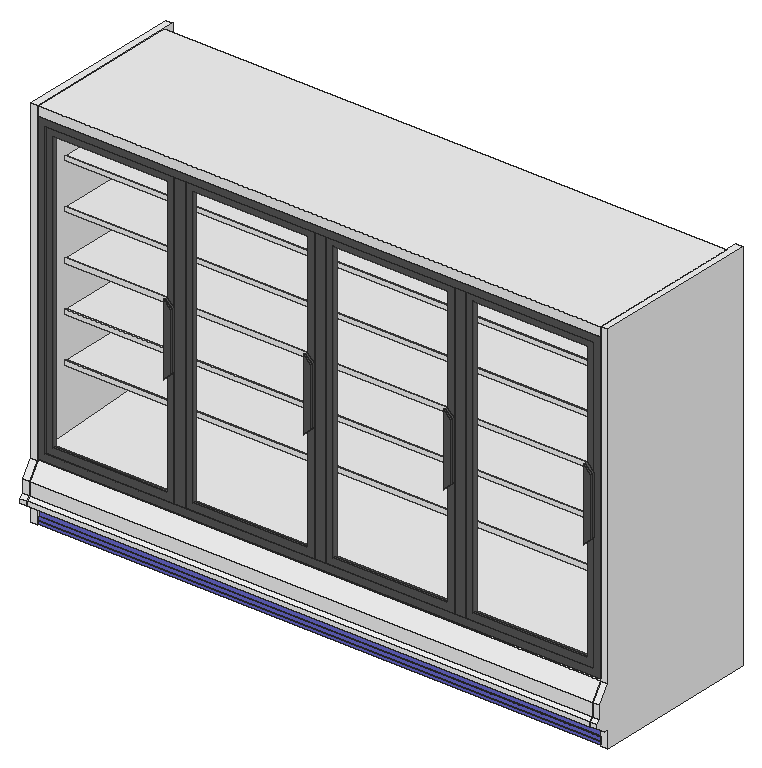
Revit family
Parameters (values of type "RLN-4DR. INNOVATOR II")
  Width = 122 7/8"
  Voltage - Electric Defrost [instance] = 208 V
  Voltage [instance] = 120 V
  URL = "www.hussmann.com"
  Type Comments = "LT 4-Door Reach-In Merchandiser"
  Temp Sensor [instance] = "Low Voltage"
  System Control [instance] = "1.00 A"
  Standard Right End Cap On/Off [instance] = yes
  Standard Left End Cap On/Off [instance] = yes
  Revit Family Dates = "4/12/12PMA(0508)"
  Refrig. Suction [instance] = "Suction"
  Refrig. Liquid [instance] = "Liquid"
  Phase [instance] = 1
  Number of Shelves = 0
  Model = "RLN-4"
  Mirrored Right End Cap On/Off [instance] = no
  Mirrored Left End Cap On/Off [instance] = no
  Manufacturer = "Hussmann Corporation"
  MCA (Min Circ Amp) [instance] = 3.19 A
  Linear Shelf Length [instance] = 0"
  Height = 82 3/8"
  Front Height = 0"
  Frequency [instance] = 60 Hz
  Finish_Trim [instance] = Stainless Steel 2
  Finish_Top [instance] = none
  Finish_Shelf [instance] = Stainless Steel
  Finish_Handle = Metal-Black-Door
  Finish_Glass [instance] = Glass 2
  Finish_Frame = Metal-Black-Door
  Finish_Door [instance] = Metal-Black-Door
  Finish_Case [instance] = Stainless Steel
  Finish_Bumper [instance] = Metal-Blue-Trim
  Finish_Base [instance] = Stainless Steel
  Elect. Defrost Amps [instance] = "13.46 A"
  Elect. Def. Amps [instance] = 13.46 A
  Drain Pipe Size = "1 1/4\" DIA"
  Drain Heaters [instance] = 2 A
  Description 2 = "Impact Merchandiser"
  Description = "LT 4-Door Reach-In Merchandiser"
  Depth = 39 3/4"
  Copper-Suction [instance] = Copper
  Copper-Liquid [instance] = Copper
  Case Lights Amps [instance] = "2.50 A"
  Case Lights [instance] = 2.5 A
  Case Fans (MCA) [instance] = "3.19 A"
  Assembly Code = ""
Reference planes (in)
  plane 1 "Center (Front/Back)": y = 0
  plane 2: z = 0
  plane 3: z = 13.375
  plane 4: z = 80.375
  plane 5: z = 82.375
  plane 6: x = -62.05894
  plane 7: x = 60.81606
  plane 8: x = -0.62144
  plane 9: y = -39.75
  plane 10: y = -30.625
  plane 11: y = -28
  plane 12: x = -22.11949
  plane 13: x = 20.88051
Forms (in)
  Extrusion 1, solid, material "Stainless Steel" <- "Finish_Base"
    sketch origin (-63.55894, 0, 0) x (0, 1, 0) y (0, 0, 1)
      loop
        line (-33.84766, 1.76162) -> (0, 1.76162) -> (0, 4.26162) -> (-33.84766, 4.26162) -> (-33.84766, 1.76162)
    from 3 to 122.875
  Extrusion 2, solid, material "Stainless Steel" <- "Finish_Case"
    sketch origin (-62.05894, 0, 0) x (0, 1, 0) y (0, 0, 1)
      loop
        line (-5, 4.26162) -> (-2.5, 6.76162) -> (-2.5, 82) -> (-36.8125, 82) -> (-36.8125, 80) -> (-5.25, 80) -> (-5.25, 7.94575) -> (-24.32494, 7.27964) -> (-25.55546, 6.04913) -> (-29.05546, 6.04913) -> (-31, 7.99367) -> (-33.25, 7.99367) -> (-33.25, 5.99367) -> (-30.25, 4.26162) -> (-5, 4.26162)
    from 0 to 122.875
  Extrusion 3, solid, material "Stainless Steel" <- "Finish_Case"
    sketch origin (-62.05894, 0, 0) x (0, 1, 0) y (0, 0, 1)
      loop
        line (-2.5, 4.26162) -> (0, 4.26162) -> (0, 49.76162) -> (-2.5, 49.76162) -> (-2.5, 4.26162)
    from 0 to 122.87891
  Extrusion 4, solid, material "Stainless Steel" <- "Finish_Base"
    sketch origin (-60.55894, 0, 0) x (0, 1, 0) y (0, 0, 1)
      loop
        line (-0.5532, 1.76162) -> (-2.8032, 1.76162) -> (-2.8032, 0) -> (-0.5532, 0) -> (-0.5532, 1.76162)
      loop
        line (-29.125, 1.76162) -> (-29.125, 0) -> (-26.875, 0) -> (-26.875, 1.76162) -> (-29.125, 1.76162)
    from 0 to 119.875
  Extrusion 5, solid, material "Stainless Steel" <- "Finish_Case"
    sketch origin (-62.05894, 0, 0) x (0, 1, 0) y (0, 0, 1)
      loop
        line (-5.25, 80) -> (-32.75, 80) -> (-32.75, 78.93201) -> (-7.5, 78.49127) -> (-7.5, 7.85845) -> (-5.25, 7.93702) -> (-5.25, 80)
    from 0 to 122.875
  Extrusion 6, solid
    sketch origin (-62.05894, 0, 0) x (0, 1, 0) y (0, 0, 1)
      loop
        line (-33, 78.93638) -> (-33, 77.93638) -> (-30, 77.93638) -> (-30, 78.88401) -> (-33, 78.93638)
    from 0 to 122.875
  Extrusion 7, solid, material "Stainless Steel" <- "Finish_Base"
    sketch origin (-62.05894, 0, 0) x (0, 1, 0) y (0, 0, 1)
      loop
        line (-7.5, 7.86718) -> (-7.5, 13.65118) -> (-29, 13.65118) -> (-29, 10.65118)
        arc (-29, 10.65118) -> (-29.29289, 9.94407) -> (-30, 9.65118) r 1
        line (-30, 9.65118) -> (-31.25, 9.65118)
        arc (-31.25, 9.65118) -> (-31.95711, 9.94407) -> (-32.25, 10.65118) r 1
        line (-32.25, 10.65118) -> (-32.25, 13) -> (-33.25, 13) -> (-33.25, 7.99367) -> (-31, 7.99367) -> (-29.05546, 6.04913) -> (-25.55546, 6.04913) -> (-24.32494, 7.27964) -> (-7.5, 7.86718)
    from 0 to 122.87891
  Extrusion 8, solid, material "Stainless Steel" <- "Finish_Shelf"
    sketch origin (-62.05894, 0, 0) x (0, 1, 0) y (0, 0, 1)
      loop
        line (-7.5, 64.08657) -> (-7.5, 68.01162) -> (-8.5, 68.01162) -> (-8.5, 69.01162) -> (-29.5, 69.01162) -> (-29.5, 69.26162) -> (-29.75, 69.26162) -> (-29.75, 68.26162) -> (-29.5, 68.26162) -> (-29.5, 68.76162) -> (-26, 68.76162) -> (-26, 68.51162) -> (-13.81963, 68.51162) -> (-7.5, 64.08657)
      loop
        line (-7.5, 54.08657) -> (-7.5, 58.01162) -> (-8.5, 58.01162) -> (-8.5, 59.01162) -> (-29.5, 59.01162) -> (-29.5, 59.26162) -> (-29.75, 59.26162) -> (-29.75, 58.26162) -> (-29.5, 58.26162) -> (-29.5, 58.76162) -> (-26, 58.76162) -> (-26, 58.51162) -> (-13.81963, 58.51162) -> (-7.5, 54.08657)
      loop
        line (-7.5, 44.08657) -> (-7.5, 48.01162) -> (-8.5, 48.01162) -> (-8.5, 49.01162) -> (-29.5, 49.01162) -> (-29.5, 49.26162) -> (-29.75, 49.26162) -> (-29.75, 48.26162) -> (-29.5, 48.26162) -> (-29.5, 48.76162) -> (-26, 48.76162) -> (-26, 48.51162) -> (-13.81963, 48.51162) -> (-7.5, 44.08657)
      loop
        line (-7.5, 34.08657) -> (-7.5, 38.01162) -> (-8.5, 38.01162) -> (-8.5, 39.01162) -> (-29.5, 39.01162) -> (-29.5, 39.26162) -> (-29.75, 39.26162) -> (-29.75, 38.26162) -> (-29.5, 38.26162) -> (-29.5, 38.76162) -> (-26, 38.76162) -> (-26, 38.51162) -> (-13.81963, 38.51162) -> (-7.5, 34.08657)
      loop
        line (-7.5, 24.08657) -> (-7.5, 28.01162) -> (-8.5, 28.01162) -> (-8.5, 29.01162) -> (-29.5, 29.01162) -> (-29.5, 29.26162) -> (-29.75, 29.26162) -> (-29.75, 28.26162) -> (-29.5, 28.26162) -> (-29.5, 28.76162) -> (-26, 28.76162) -> (-26, 28.51162) -> (-13.81963, 28.51162) -> (-7.5, 24.08657)
      loop
        line (-34.54319, 13.47728) -> (-7.5, 14.89456) -> (-7.5, 15.89593) -> (-34.54319, 14.47866) -> (-34.54319, 13.47728)
    from 0 to 122.875
  Extrusion 9, solid, material "Stainless Steel"
    sketch origin (-60.55894, 0, 0) x (0, 1, 0) y (0, 0, 1)
      loop
        line (0, 4.26162) -> (-33.84766, 4.26162) -> (-33.84766, 0) -> (0, 0) -> (0, 4.26162)
    from 0 to -1.5
  Extrusion 10, solid, material "Stainless Steel"
    sketch origin (59.31661, 0, 0) x (0, 1, 0) y (0, 0, 1)
      loop
        line (0, 4.26162) -> (-33.84766, 4.26162) -> (-33.84766, 0) -> (0, 0) -> (0, 4.26162)
    from 0 to 1.5
  Sweep 11, solid, material "Metal-Black-Door"
    path origin (0, 3.1875, 0) x (1, 0, 0) y (0, 0, 1)
      loop
        line (-62.05894, 80) -> (-62.05894, 13) -> (60.81606, 13) -> (60.81606, 80) -> (-62.05894, 80)
    profile origin (-0.62144, 3.1875, 80) x (0, 0, 1) y (0, -1, 0)
      loop
        line (0, 40) -> (-1.5, 40) -> (-1.5, 38.5) -> (0, 38.5) -> (0, 40)
  Extrusion 12, solid, material "Metal-Black-Door"
    sketch origin (0, -36.8125, 0) x (0, 0, 1) y (1, 0, 0)
      loop
        line (78.5, -60.55894) -> (78.5, -32.46449) -> (14.5, -32.46449) -> (14.5, -60.55894) -> (78.5, -60.55894)
      loop
        line (77, -59.05894) -> (77, -33.96449) -> (16, -33.96449) -> (16, -59.05894) -> (77, -59.05894)
      loop
        line (78.5, -29.96644) -> (78.5, -1.87144) -> (14.5, -1.87144) -> (14.5, -29.96644) -> (78.5, -29.96644)
      loop
        line (77, -28.46644) -> (77, -3.37144) -> (16, -3.37144) -> (16, -28.46644) -> (77, -28.46644)
      loop
        line (78.5, 0.62856) -> (78.5, 28.72356) -> (14.5, 28.72356) -> (14.5, 0.62856) -> (78.5, 0.62856)
      loop
        line (77, 2.12856) -> (77, 27.22356) -> (16, 27.22356) -> (16, 2.12856) -> (77, 2.12856)
      loop
        line (78.5, 31.22106) -> (78.5, 59.31606) -> (14.5, 59.31606) -> (14.5, 31.22106) -> (78.5, 31.22106)
      loop
        line (77, 32.72106) -> (77, 57.81551) -> (16, 57.81551) -> (16, 32.72106) -> (77, 32.72106)
    from 0.25 to 1.25
  Extrusion 13, solid, material "Glass 2"
    sketch origin (0, -36.0625, 0) x (1, 0, 0) y (0, 0, 1)
      loop
        line (-59.05894, 77) -> (-59.05894, 16) -> (-33.96449, 16) -> (-33.96449, 77) -> (-59.05894, 77)
      loop
        line (-28.46644, 77) -> (-28.46644, 16) -> (-3.37144, 16) -> (-3.37144, 77) -> (-28.46644, 77)
      loop
        line (2.12856, 77) -> (2.12856, 16) -> (27.22356, 16) -> (27.22356, 77) -> (2.12856, 77)
      loop
        line (32.72106, 77) -> (32.72106, 16) -> (57.81551, 16) -> (57.81551, 77) -> (32.72106, 77)
    from 0.15 to -0.15
  Extrusion 14, solid, material "Metal-Black-Door"
    sketch origin (-19.81375, 0.0625, 31.9375) x (1, 0, 0) y (0, 0, 1)
      loop
        line (-14.15074, 22.4375) -> (-14.15074, 22.08395) -> (-12.90074, 20.83395) -> (-12.90074, 8.29105) -> (-14.15074, 7.04105) -> (-14.15074, 6.6875) -> (-12.65074, 8.1875) -> (-12.65074, 20.9375) -> (-14.15074, 22.4375)
    from 36.875 to 37.375
  Extrusion 15, solid, material "Metal-Black-Door"
    sketch origin (-19.81375, -37.3125, 31.9375) x (1, 0, 0) y (0, 0, 1)
      loop
        line (-12.65074, 20.9375) -> (-14.15074, 22.4375) -> (-14.15074, 6.6875) -> (-12.65074, 8.1875) -> (-12.65074, 20.9375)
    from 0.25 to 0
  Extrusion 16, solid, material "Metal-Black-Door"
    sketch origin (10.78125, 0.0625, 31.9375) x (1, 0, 0) y (0, 0, 1)
      loop
        line (-14.15074, 22.4375) -> (-14.15074, 22.08395) -> (-12.90074, 20.83395) -> (-12.90074, 8.29105) -> (-14.15074, 7.04105) -> (-14.15074, 6.6875) -> (-12.65074, 8.1875) -> (-12.65074, 20.9375) -> (-14.15074, 22.4375)
    from 36.875 to 37.375
  Extrusion 17, solid, material "Metal-Black-Door"
    sketch origin (10.78125, -37.3125, 31.9375) x (1, 0, 0) y (0, 0, 1)
      loop
        line (-12.65074, 20.9375) -> (-14.15074, 22.4375) -> (-14.15074, 6.6875) -> (-12.65074, 8.1875) -> (-12.65074, 20.9375)
    from 0.25 to 0
  Extrusion 18, solid, material "Metal-Black-Door"
    sketch origin (41.3743, 0.0625, 31.9375) x (1, 0, 0) y (0, 0, 1)
      loop
        line (-14.15074, 22.4375) -> (-14.15074, 22.08395) -> (-12.90074, 20.83395) -> (-12.90074, 8.29105) -> (-14.15074, 7.04105) -> (-14.15074, 6.6875) -> (-12.65074, 8.1875) -> (-12.65074, 20.9375) -> (-14.15074, 22.4375)
    from 36.875 to 37.375
  Extrusion 19, solid, material "Metal-Black-Door"
    sketch origin (41.3743, -37.3125, 31.9375) x (1, 0, 0) y (0, 0, 1)
      loop
        line (-12.65074, 20.9375) -> (-14.15074, 22.4375) -> (-14.15074, 6.6875) -> (-12.65074, 8.1875) -> (-12.65074, 20.9375)
    from 0.25 to 0
  Extrusion 20, solid, material "Metal-Black-Door"
    sketch origin (71.9668, 0.0625, 31.9375) x (1, 0, 0) y (0, 0, 1)
      loop
        line (-14.15128, 22.4375) -> (-14.15128, 22.08395) -> (-12.90074, 20.83395) -> (-12.90074, 8.29105) -> (-14.15128, 7.04105) -> (-14.15128, 6.6875) -> (-12.65074, 8.1875) -> (-12.65074, 20.9375) -> (-14.15128, 22.4375)
    from 36.875 to 37.375
  Extrusion 21, solid, material "Metal-Black-Door"
    sketch origin (71.9668, -37.3125, 31.9375) x (1, 0, 0) y (0, 0, 1)
      loop
        line (-12.65074, 20.9375) -> (-14.15128, 22.4375) -> (-14.15128, 6.6875) -> (-12.65074, 8.1875) -> (-12.65074, 20.9375)
    from 0.25 to 0
  Extrusion 22, solid, material "Stainless Steel"
    sketch origin (-62.05894, 4, 0) x (0, 1, 0) y (0, 0, 1)
      loop
        line (-37.25, 13) -> (-40.75, 12.69379) -> (-43.04431, 9.41718) -> (-43.04431, 6.66718) -> (-43.75, 5.96149) -> (-43.75, 5.08872) -> (-42.51777, 4.2259) -> (-40.75, 5.99367) -> (-40.75, 7.99367) -> (-37.25, 7.99367) -> (-37.25, 13)
    from 0 to 122.875
  Extrusion 23, solid, material "Metal-Blue-Trim"
    sketch origin (-65.05894, 4.8125, 0) x (0, 1, 0) y (0, 0, 1)
      loop
        line (-38.66016, 4.7871) -> (-39.66016, 5.36445) -> (-39.66016, 4.26162) -> (-41.3125, 4.55297) -> (-41.3125, 1.75) -> (-41.5625, 1.75) -> (-41.5625, 1) -> (-41.3125, 1) -> (-41.3125, 0.75) -> (-41.5625, 0.75) -> (-41.5625, 0.19004) -> (-39.66016, 0.52548) -> (-39.66016, 0) -> (-38.66016, 0) -> (-38.66016, 4.7871)
    from 3 to 125.875
  Extrusion 24, solid, material "Metal Black-door"
    sketch origin (0, -36.4125, 0) x (1, 0, 0) y (0, 0, 1)
      loop
        line (-32.46449, 78.5) -> (-32.46449, 14.5) -> (-29.96644, 14.5) -> (-29.96644, 78.5) -> (-32.46449, 78.5)
      loop
        line (-1.87144, 78.5) -> (-1.87144, 14.5) -> (0.62856, 14.5) -> (0.62856, 78.5) -> (-1.87144, 78.5)
      loop
        line (28.72356, 78.5) -> (28.72356, 14.5) -> (31.22106, 14.5) -> (31.22106, 78.5) -> (28.72356, 78.5)
    from 0.15 to -0.15
  Extrusion 25, solid, material "Glass 2"
    sketch origin (0, 4.15234, 0) x (1, 0, 0) y (0, 1, 0)
      loop
        circle (55.82723, -37) r 0.375
      loop
        circle (55.82723, -37) r 0.36775
      loop
        circle (54.95081, -37) r 0.375
      loop
        circle (54.95081, -37) r 0.36775
      loop
        circle (54.07439, -37) r 0.375
      loop
        circle (54.07439, -37) r 0.36775
      loop
        circle (53.19797, -37) r 0.375
      loop
        circle (53.19797, -37) r 0.36775
      loop
        circle (52.32155, -37) r 0.375
      loop
        circle (52.32155, -37) r 0.36775
    from 4.63662 to 1.75
  Extrusion 26, solid, material "Glass 2"
    sketch origin (0, 3.41819, 0) x (1, 0, 0) y (0, 1, 0)
      loop
        circle (-0.61558, -34.54319) r 0.625
      loop
        circle (-0.61558, -34.54319) r 0.57589
    from 6.42413 to 1.75
  Extrusion 27, solid, material "Copper" <- "Copper-Liquid"
    sketch origin (0, 4.5, 0) x (1, 0, 0) y (0, 1, 0)
      loop
        circle (54.73782, -34.5) r 0.1875
      loop
        circle (54.73782, -34.5) r 0.17725
    from 4.26162 to 1.32634
  Extrusion 28, solid, material "Copper" <- "Copper-Suction"
    sketch origin (0, 5.5, 0) x (1, 0, 0) y (0, 1, 0)
      loop
        circle (55.82723, -35.5) r 0.4375
      loop
        circle (55.82723, -35.5) r 0.42774
    from 4.26162 to 1.32634
Lines and regions (in)
  symbolic lines
    curve 1: line (-62.05894, 0, 0) -> (60.81606, 0, 0)
    curve 2: line (-62.05894, -39.75, 0) -> (-62.05894, 0, 0)
    curve 3: line (60.81606, -39.75, 0) -> (-62.05894, -39.75, 0)
    curve 4: line (60.81606, 0, 0) -> (60.81606, -39.75, 0)
Dimensions and locks (in)
  level to plane 3 to plane 4 to plane 5 = 13 3/8", 67", 2"
  plane 5 to level = 82 3/8"
  level to plane 5 = 82 3/8"
  plane 6 to plane 7 = 122 7/8"
  plane 7 to plane 6 = 122 7/8"
  plane 8 to plane 6 = 61 7/16"
  plane 1 "Center (Front/Back)" to plane 9 = 39 3/4"
  plane 1 "Center (Front/Back)" to plane 10 = 30 5/8"
  plane 1 "Center (Front/Back)" to plane 11 = 28"
  plane 9 to plane 1 "Center (Front/Back)" = 39 3/4"  (x2)
  plane 10 to plane 1 "Center (Front/Back)" = 30 5/8"
  plane 11 to plane 1 "Center (Front/Back)" = 28"
  aligned and locked: Extrusion 1 to Extrusion 4  (x2)
Nested families (in)
  nested 1: "Label Annotation 3-32" at (-2.11949, -7.5, 0), type "Label Annotation 3-32"
  nested 2: "RLN-INNOVATORII_END CAP MIRRORED" at (-59.93945, 0, 0), visible <- "Mirrored Left End Cap On/Off", type "RLN-End Panel Mirrored"
    with Serial Number "N/A", Remarks "N/A", Received By "N/A", Furnished By "N/A", Finish_Trim Stainless Steel 2, Finish_Top none, Finish_Shelf Stainless Steel, Finish_Glass Glass 2, Finish_Door Metal Black-Door, Finish_Case Stainless Steel, Finish_Bumper Metal Blue-trim, Finish_Base Stainless Steel, Final Hookup By "N/A", Assembled By "N/A"
  nested 3: "RLN-INNOVATORII_END CAP MIRRORED" at (64.43555, 0, 0), visible <- "Mirrored Right End Cap On/Off", type "RLN-End Panel Mirrored"
    with Serial Number "N/A", Remarks "N/A", Received By "N/A", Furnished By "N/A", Finish_Trim Stainless Steel 2, Finish_Top none, Finish_Shelf Stainless Steel, Finish_Glass Glass 2, Finish_Door Metal Black-Door, Finish_Case Stainless Steel, Finish_Bumper Metal Blue-trim, Finish_Base Stainless Steel, Final Hookup By "N/A", Assembled By "N/A"
  nested 4: "RLN-INNOVATORII_END PANEL" at (-59.93945, 0, 0), visible <- "Standard Left End Cap On/Off", type "RLN-End Panel Mirrored"
    with Serial Number "N/A", Remarks "N/A", Received By "N/A", Furnished By "N/A", Finish_Trim Stainless Steel 2, Finish_Top none, Finish_Shelf Stainless Steel, Finish_Glass Glass 2, Finish_Door Metal Black-Door, Finish_Case Stainless Steel, Finish_Bumper Metal Blue-trim, Finish_Base Stainless Steel, Final Hookup By "N/A", Assembled By "N/A"
  nested 5: "RLN-INNOVATORII_END PANEL" at (64.43945, 0, 0), visible <- "Standard Right End Cap On/Off", type "RLN-End Panel Mirrored"
    with Serial Number "N/A", Remarks "N/A", Received By "N/A", Furnished By "N/A", Finish_Trim Stainless Steel 2, Finish_Top none, Finish_Shelf Stainless Steel, Finish_Glass Glass 2, Finish_Door Metal Black-Door, Finish_Case Stainless Steel, Finish_Bumper Metal Blue-trim, Finish_Base Stainless Steel, Final Hookup By "N/A", Assembled By "N/A"
  nested 6: "Case Nodes" at (55.82666, -32.84753, 0), type "Case Nodes"
  nested 7: "Case Nodes" at (55.82791, -30, 0), type "Case Nodes"
  nested 8: "Case Nodes" at (-22.11949, -36.8125, 0), type "Case Nodes"
  nested 9: "Case Nodes" at (-22.11949, -30, 0), type "Case Nodes"
  nested 10: "Case Nodes" at (20.88051, -36.8125, 0) x (-1, 0, 0) z (0, 0, 1), type "Case Nodes"
  nested 11: "Case Nodes" at (20.88051, -30, 0) x (-1, 0, 0) z (0, 0, 1), type "Case Nodes"
Connectors (in)
  piping at (-0.61558, -31.125, 1.75), driven by "Drain Pipe Size"
    settings: on Extrusion 26, index 3, connector radius 5/8", flow factor 0, pipe flow 0 GPM, pressure drop 0.00 psi, fitting loss kfactor 0, connector angle 0.00°, fixture units 0, flow configuration 0, flow direction 2, fitting loss method 0, system type 16, connector reference index -1, connector utility 0, adjustable connector no, is connector primary yes, fitting loss table "", connector description "1 1/4\" DIA"
  electrical at (55.82723, -32.84766, 1.75), driven by "Elect. Defrost Amps", driven by "Phase", driven by "Voltage - Electric Defrost"
    settings: on Extrusion 25, index 4, voltage 208 V, apparent load 0 VA, apparent load phase1 0 VA, apparent load phase2 0 VA, apparent load phase3 0 VA, power factor 1, load classification "Power", number of poles 1, system type 30, power factor state 1, is connector primary yes, connector utility no, sub classification motor no, connector description "13.46 A"
  electrical at (54.95081, -32.84766, 1.75), driven by "Case Fans (MCA)", driven by "Phase", driven by "Voltage"
    settings: on Extrusion 25, index 5, voltage 120 V, apparent load 0 VA, apparent load phase1 0 VA, apparent load phase2 0 VA, apparent load phase3 0 VA, power factor 1, load classification "Power", number of poles 1, system type 30, power factor state 1, is connector primary no, connector utility no, sub classification motor no, connector description "3.19 A"
  electrical at (54.07439, -32.84766, 1.75), driven by "Case Lights Amps", driven by "Phase", driven by "Voltage"
    settings: on Extrusion 25, index 6, voltage 120 V, apparent load 0 VA, apparent load phase1 0 VA, apparent load phase2 0 VA, apparent load phase3 0 VA, power factor 1, load classification "Lighting", number of poles 1, system type 30, power factor state 1, is connector primary no, connector utility no, sub classification motor no, connector description "2.50 A"
  electrical at (53.19797, -32.84766, 1.75), driven by "System Control"
    settings: on Extrusion 25, index 7, voltage 0 V, apparent load 0 VA, apparent load phase1 0 VA, apparent load phase2 0 VA, apparent load phase3 0 VA, power factor 1, load classification "Other", number of poles 1, system type 13, power factor state 1, is connector primary no, connector utility no, sub classification motor no, connector description "1.00 A"
  electrical at (52.32155, -32.84766, 1.75), driven by "Temp Sensor"
    settings: on Extrusion 25, index 8, voltage 0 V, apparent load 0 VA, apparent load phase1 0 VA, apparent load phase2 0 VA, apparent load phase3 0 VA, power factor 1, load classification "Other", number of poles 1, system type 5, power factor state 1, is connector primary no, connector utility no, sub classification motor no, connector description "Low Voltage"
  piping at (55.82723, -30, 1.32634), driven by "Refrig. Suction"
    settings: on Extrusion 28, index 9, connector radius 7/16", flow factor 0, pipe flow 0 GPM, pressure drop 0.00 psi, fitting loss kfactor 0, connector angle 0.00°, fixture units 0, flow configuration 0, flow direction 2, fitting loss method 0, system type 22, connector reference index -1, connector utility 0, adjustable connector no, is connector primary no, fitting loss table "", connector description "Suction"
  piping at (54.73782, -30, 1.32634), driven by "Refrig. Liquid"
    settings: on Extrusion 27, index 10, connector radius 3/16", flow factor 0, pipe flow 0 GPM, pressure drop 0.00 psi, fitting loss kfactor 0, connector angle 0.00°, fixture units 0, flow configuration 0, flow direction 1, fitting loss method 0, system type 22, connector reference index -1, connector utility 0, adjustable connector no, is connector primary no, fitting loss table "", connector description "Liquid"
Definition of nested family "RLN-INNOVATORII_END CAP MIRRORED"
  Parameters (values of type "RLN-End Panel Mirrored")
    Width = 1 1/2"
    Watts = ""
    Volts = ""
    URL = "www.hussmann.com"
    Type Comments = "N/A"
    Telephone = no
    Serial Number [instance] = "N/A"
    Remarks [instance] = "N/A"
    Refrigerant Type = "N/A"
    Received By [instance] = "N/A"
    Prototype = no
    Power = "N/A"
    PO Template = no
    Number of Shelves = 0
    Model = "RLN- Mirrored End Panel"
    Manufacturer = "Hussmann"
    Linear Shelf Length = 0"
    Item = "N/A"
    Install Date - Actual = "N/A"
    Install Data - Projected = "N/A"
    Hot Water = no
    Height = 82"
    HP = ""
    Gas Type = "N/A"
    Gas Pipe Size = "N/A"
    Furnished By [instance] = "N/A"
    Front Height = 0"
    Finish_Trim [instance] = Stainless Steel 2
    Finish_Top [instance] = none
    Finish_Shelf [instance] = Stainless Steel
    Finish_Handle = Metal Black-Door
    Finish_Glass [instance] = Glass 2
    Finish_Frame = Metal Black-Door
    Finish_Door [instance] = Metal Black-Door
    Finish_Case [instance] = Stainless Steel
    Finish_Bumper [instance] = Metal Blue-trim
    Finish_Base [instance] = Stainless Steel
    Final Hookup By [instance] = "N/A"
    Evap Temp = ""
    EMS = no
    Drain Pipe Size = "N/A"
    Divisional Use = "N/A"
    Description 2 = "Impact Merchandiser"
    Description = "Low Temperature Reach-in(Food or Ice Cream)"
    Depth = 39 3/4"
    Data = "N/A"
    Cold Water = no
    Class Code = "N/A"
    Category = "N/A"
    BTU Rating = "N/A"
    Assembly Code = "E1090320"
    Assembled By [instance] = "N/A"
    Amps = ""
    Accessories/Options = "N/A"
  Reference planes (in)
    plane 1 "Center (Front/Back)": y = 0
    plane 2: z = 0
    plane 3: y = -39.75
  Forms (in)
    Extrusion 1, solid, material "Stainless Steel" <- "Finish_Case"
      sketch origin (-3.61949, 0, 0) x (0, 1, 0) y (0, 0, 1)
        loop
          line (0, 82) -> (-36.8125, 82) -> (-36.8125, 12.60453) -> (-39.04431, 9.41718) -> (-39.04431, 6.66718) -> (-39.75, 5.96149) -> (-39.75, 5.08872) -> (-38.19514, 4) -> (-36.75, 4) -> (-36.75, 0) -> (0, 0) -> (0, 82)
      from 0 to 1.5
  Lines and regions (in)
    symbolic lines
      curve 1: line (-3.61949, 0, 0) -> (-2.11949, 0, 0)
      curve 2: line (-3.61949, -39.75, 0) -> (-3.61949, 0, 0)
      curve 3: line (-2.11949, -39.75, 0) -> (-3.61949, -39.75, 0)
      curve 4: line (-2.11949, 0, 0) -> (-2.11949, -39.75, 0)
  Dimensions and locks (in)
    plane 1 "Center (Front/Back)" to Extrusion 1 = 39 3/4"
    plane 3 to plane 1 "Center (Front/Back)" = 39 3/4"
    Extrusion 1 to Extrusion 1 = 1 1/2"
    locked: Extrusion 1 to Extrusion 1 at 1.5  (x2)
    locked: Extrusion 1 to level at 82
    aligned: curve 1 to Extrusion 1  (x2)
    aligned: curve 4 to Extrusion 1  (x2)
Definition of nested family "RLN-INNOVATORII_END PANEL"
  Parameters (values of type "RLN-End Panel")
    Width = 1 1/2"
    Watts = ""
    Volts = ""
    URL = "www.hussmann.com"
    Type Comments = "N/A"
    Telephone = no
    Serial Number [instance] = "N/A"
    Remarks [instance] = "N/A"
    Refrigerant Type = "N/A"
    Received By [instance] = "N/A"
    Prototype = no
    Power = "N/A"
    PO Template = no
    Number of Shelves = 0
    Model = "RLN- Mirrored End Panel"
    Manufacturer = "Hussmann"
    Linear Shelf Length = 0"
    Item = "N/A"
    Install Date - Actual = "N/A"
    Install Data - Projected = "N/A"
    Hot Water = no
    Height = 82"
    HP = ""
    Gas Type = "N/A"
    Gas Pipe Size = "N/A"
    Furnished By [instance] = "N/A"
    Front Height = 0"
    Finish_Trim [instance] = Stainless Steel 2
    Finish_Top [instance] = none
    Finish_Shelf [instance] = Stainless Steel
    Finish_Handle = Metal Black-Door
    Finish_Glass [instance] = Glass 2
    Finish_Frame = Metal Black-Door
    Finish_Door [instance] = Metal Black-Door
    Finish_Case [instance] = Stainless Steel
    Finish_Bumper [instance] = Metal Blue-trim
    Finish_Base [instance] = Stainless Steel
    Final Hookup By [instance] = "N/A"
    Evap Temp = ""
    EMS = no
    Drain Pipe Size = "N/A"
    Divisional Use = "N/A"
    Description 2 = "Impact Merchandiser"
    Description = "Low Temperature Reach-in(Food or Ice Cream)"
    Depth = 39 3/4"
    Data = "N/A"
    Cold Water = no
    Class Code = "N/A"
    Category = "N/A"
    BTU Rating = "N/A"
    Assembly Code = "E1090320"
    Assembled By [instance] = "N/A"
    Amps = ""
    Accessories/Options = "N/A"
  Reference planes (in)
    plane 1 "Center (Front/Back)": y = 0
    plane 2: z = 0
    plane 3: y = -39.75
  Forms (in)
    Extrusion 1, solid, material "Stainless Steel" <- "Finish_Case"
      sketch origin (-3.61949, 0, -0.37544) x (0, 1, 0) y (0, 0, 1)
        loop
          line (0, 82.375) -> (-36.8125, 82.375) -> (-36.8125, 12.97953) -> (-39.04431, 9.79218) -> (-39.04431, 7.04218) -> (-39.75, 6.33649) -> (-39.75, 5.46372) -> (-37.65959, 4) -> (-36.75, 4) -> (-36.75, 0.37544) -> (0, 0.37544) -> (0, 82.375)
      from 0 to 1.5
  Lines and regions (in)
    symbolic lines
      curve 1: line (-3.61949, 0, 0) -> (-2.11949, 0, 0)
      curve 2: line (-3.61949, -39.75, 0) -> (-3.61949, 0, 0)
      curve 3: line (-2.11949, -39.75, 0) -> (-3.61949, -39.75, 0)
      curve 4: line (-2.11949, 0, 0) -> (-2.11949, -39.75, 0)
  Dimensions and locks (in)
    plane 1 "Center (Front/Back)" to Extrusion 1 = 39 3/4"
    plane 3 to plane 1 "Center (Front/Back)" = 39 3/4"
    Extrusion 1 to Extrusion 1 = 1 1/2"
    locked: Extrusion 1 to Extrusion 1 at 1.5  (x2)
    Extrusion 1 to level = 81.99956"
    aligned: curve 1 to Extrusion 1  (x2)
    aligned: curve 4 to Extrusion 1  (x2)
Definition of nested family "Label Annotation 3-32"
  Parameters
    Label = ""
  Reference planes (in)
    plane 1: y = 0
    plane 2: x = 0
  Text (in)
    label "Label" at (0.00375, -0.00345, 0), shows "Label"
Definition of nested family "Case Nodes"
  Reference planes (in)
    plane 1 "Center (Front/Back)": y = 0
    plane 2: z = 0
    plane 3 "Center (Left/Right)": x = 0
  Lines and regions (in)
    model lines, style "InvisibleLines"
      curve 1: line (2.12132, 2.12132, 0) -> (-2.12132, -2.12132, 0)
      curve 2: line (-2.12132, 2.12132, 0) -> (2.12132, -2.12132, 0)
  Dimensions and locks (in)
    aligned and locked: plane 2 to level
